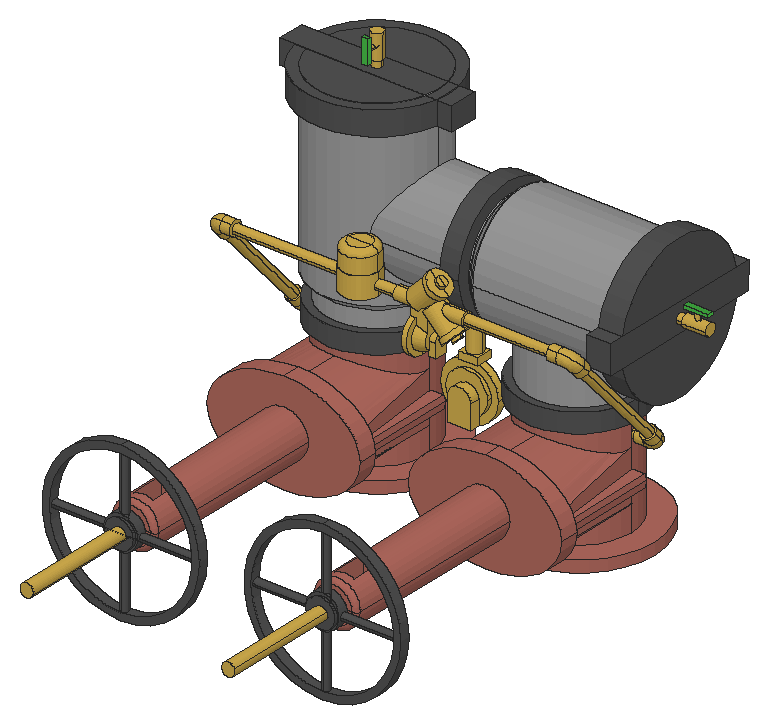
Revit family "Backflow_Preventer-RP-Zurn_Wilkins_Model_475STDA_Flanged (4-10_inch)", category Pipe Accessories, Revit 2022 (continued)
Definition of nested family "Gate Valve_475_OSY"
  Dimensions and locks (in)
    "Hand Wheel Radius": radius of Extrusion 10 sketch curve
    radius of Extrusion 10 sketch curve = 0' - 1 3/4"
    "Spoke Width": radius of Extrusion 10 sketch curve
    "Screw dia": radius of Extrusion 6 sketch curve
    radius of Extrusion 9 sketch curve = 0' - 1 1/2"
    "Flange Radius": radius of Masking region 1 sketch curve
    aligned: plane 5 "Right" to Extrusion 1
    aligned: Extrusion 1 to plane 4 "Left"
    aligned and locked: Extrusion 1 to plane 7 "Flange Left"
    aligned and locked: plane 8 "Flange Right" to Extrusion 1
    aligned and locked: Extrusion 2 to plane 4 "Left"
    aligned and locked: plane 7 "Flange Left" to Extrusion 2
    aligned and locked: plane 5 "Right" to Extrusion 3
    aligned and locked: plane 9 "Horizontal Flange" to Extrusion 4
    aligned and locked: Extrusion 4 to plane 12 "Horizontal Flange Bottom"
    aligned and locked: Extrusion 3 to plane 8 "Flange Right"
    aligned and locked: Extrusion 3 to plane 5 "Right"
    aligned and locked: plane 4 "Left" to Extrusion 2
    aligned and locked: Extrusion 2 to plane 7 "Flange Left"
    aligned and locked: plane 13 to Extrusion 4 sketch curve
    aligned and locked: plane 8 "Flange Right" to Extrusion 4 sketch curve
    aligned and locked: plane 7 "Flange Left" to Extrusion 4 sketch curve
    aligned and locked: plane 14 to Extrusion 4 sketch curve
    aligned and locked: plane 20 to Blend 5 sketch curve  (x2)
    aligned and locked: Blend 5 sketch curve to plane 21  (x2)
    aligned: Blend 5 to plane 30
    aligned and locked: curve 3 to plane 14
    aligned and locked: curve 4 to plane 7 "Flange Left"
    aligned and locked: plane 4 "Left" to curve 2
    aligned and locked: plane 12 "Horizontal Flange Bottom" to Blend 5
    aligned and locked: Blend 5 to level
    aligned and locked: Revolve 7 sketch curve to plane 38
    aligned and locked: plane 39 to Extrusion 8 sketch curve
    aligned and locked: plane 40 to Extrusion 8 sketch curve
    aligned and locked: plane 9 "Horizontal Flange" to cut or joined group of Revolve 7, Extrusion 8
    aligned and locked: plane 6 to Extrusion 6
    aligned and locked: plane 37 to Revolve 11 sketch curve
    aligned and locked: Revolve 11 sketch curve to plane 37
    aligned and locked: plane 37 to Revolve 12 sketch curve
    aligned and locked: Extrusion 6 to level
    aligned and locked: plane 1 "Center (Front/Back)" to Revolve 7 sketch curve
    aligned and locked: Revolve 7 sketch curve to Revolve 7 sketch curve
    aligned and locked: curve 1 to plane 13
    aligned and locked: Masking region 1 sketch curve to Extrusion 10  (x2)
    aligned and locked: Masking region 1 sketch curve to plane 9 "Horizontal Flange"  (x2)
    aligned and locked: Masking region 1 sketch curve to plane 16
    aligned and locked: plane 12 "Horizontal Flange Bottom" to Masking region 1 sketch curve  (x2)
    aligned and locked: Masking region 1 sketch curve to plane 13
    aligned and locked: plane 1 "Center (Front/Back)" to Masking region 1 sketch curve
    aligned and locked: level to Masking region 1 sketch curve
    aligned and locked: plane 12 "Horizontal Flange Bottom" to Masking region 1
    aligned and locked: plane 17 to Masking region 1 sketch curve
    aligned and locked: Masking region 1 sketch curve to plane 14
    aligned and locked: Masking region 1 sketch curve to Masking region 1 sketch curve
    aligned and locked: Masking region 1 to plane 6
  Automatic sketch dimensions
    Extrusion 4 sketch curve to plane 3 "Center (Left/Right)" = 0' - 0"  (x2)
    plane 1 "Center (Front/Back)" to Extrusion 4 sketch curve = 0' - 0"  (x2)
    plane 1 "Center (Front/Back)" to Blend 5 sketch curve = 0' - 0"  (x10)
    Blend 5 sketch curve to plane 18 = 0' - 0"  (x2)
    Blend 5 sketch curve to plane 28 = 0' - 0"  (x2)
    Blend 5 sketch curve to plane 29 = 0' - 0"  (x2)
    Blend 5 sketch curve to plane 3 "Center (Left/Right)" = 0' - 0"  (x12)
    Blend 5 sketch curve to plane 19 = 0' - 0"  (x2)
    Blend 5 sketch curve to plane 17 = 0' - 0"  (x14)
    plane 17 to Blend 5 sketch curve = 0' - 0.08399"  (x2)
    Blend 5 sketch curve to plane 3 "Center (Left/Right)" = 0' - 0 5/8"  (x4)
    Blend 5 sketch curve to plane 16 = 0' - 0.08399"  (x4)
    plane 3 "Center (Left/Right)" to Blend 5 sketch curve = 0' - 0 5/8"  (x4)
    Blend 5 sketch curve to Blend 5 sketch curve = 0' - 0.08399"
    Blend 5 sketch curve to Blend 5 sketch curve = 0' - 0.41601"
    plane 38 to Revolve 7 sketch curve = 0' - 0 1/2"
    plane 38 to Revolve 7 sketch curve = 0' - 0.48903"
    Revolve 7 sketch curve to plane 30 = 0' - 3 15/16"
    Revolve 7 sketch curve to plane 37 = 0' - 0 3/8"
    plane 37 to Revolve 7 sketch curve = 0' - 0 7/8"
    Revolve 11 sketch curve to plane 33 = 0' - 0 1/4"
    plane 33 to Revolve 11 sketch curve = 0' - 0 1/2"
    Revolve 12 sketch curve to plane 37 = 0' - 0"
    Revolve 12 sketch curve to Revolve 12 sketch curve = 0' - 0 1/4"
    Revolve 12 sketch curve to Revolve 12 sketch curve = 0' - 1 1/4"
    Masking region 1 sketch curve to plane 6 = 0' - 0"
Definition of nested family "475STDA Bypass"
  Parameters (values of type "DA Bypass")
    Weight = ""
    Relief = 0' - 3"
    Pipe fitting length [instance] = DA length + 0' 4"  # 3' - 1"
    Pipe fitting Height [instance] = 1' - 4"
    Pipe angle = 42.00°
    Pipe Fitting Bottom Width [instance] = 1' - 0"
    Model = "10\" By-Pass Backflow Assembly"
    Manufacturer = "Zurn Wilkins"
    MR Length [instance] = 3' - 2 1/2"
    MR Height [instance] = 1' - 1 1/2"
    Loss Method = (empty or 0)
    Description = "10\" By-Pass Backflow Assembly"
    Default Elevation = 0' - 0"
    DA length [instance] = 2' - 9"
    DA Strainer Distence from Middle = 0' - 0 3/4"
    DA Radius = 0' - 1 29/32"
    DA Length = 2' - 10 1/2"
    DA Distance from Middle = 0' - 3 1/2"
    DA Distance from Center = 0' - 10 1/2"
    Assembly Code = ""
  Reference planes (in)
    plane 1 "Center (Front/Back)": y = -3.06876
    plane 2: z = 0
    plane 3 "Center (Left/Right)": x = -2.01587
    plane 4 "DA top": z = 0
    plane 5: y = 7.43124
    plane 6: y = 0.0006
    plane 7: x = -1.26587
    plane 8: x = 9.39724
    plane 9: z = 0
    plane 10: z = 17.40667
    plane 11: y = 7.43124
    plane 12: x = -5.51587
    plane 13: x = -18.51587
    plane 14: x = 14.48413
    plane 15: through (0, 7.43124, 0) normal (0, -0.7431, -0.6691)
    plane 16: through (0, 7.73591, 0.282) normal (0, 0.6691, -0.7431)
    plane 17 "End": y = 5.52499
    plane 18: y = 19.02499
    plane 19: x = -21.26587
    plane 20: x = 17.23413
    plane 21: y = 6.64999
    plane 22: y = 6.08749
    plane 23: x = 5.60913
    plane 24: x = 4.67163
    plane 25: x = -0.17212
    plane 26: x = 0.42163
    plane 27: z = -3
    plane 28: x = 1.35419
    plane 29: y = 5.985
  Forms (in)
    Revolve 1, solid, detail levels fine
      sketch origin (-1.69517, 7.43124, -8.68954) x (1, 0, 0) y (0, 0, 1)
        loop
          line (2.25669, 8.81624) -> (4.73201, 11.29156) -> (4.3615, 11.66207) -> (4.11531, 11.41588) -> (3.54468, 11.98651) -> (3.16996, 11.61179) -> (3.29442, 11.48733) -> (1.44001, 9.63292) -> (2.25669, 8.81624)
        axis (2.25669, 8.81624) -> (4.73201, 11.29156)
      angle from 0 to 360
    Revolve 2, solid, detail levels fine
      sketch origin (-8.13314, 7.43124, 2.61426) x (0, 0, -1) y (1, 0, 0)
        loop
          line (2.42492, 10.365) -> (4.90023, 12.84031) -> (4.52973, 13.21082) -> (4.28354, 12.96464) -> (3.71291, 13.53527) -> (3.33819, 13.16055) -> (3.46265, 13.03608) -> (1.60824, 11.18168) -> (2.42492, 10.365)
        axis (2.42492, 10.365) -> (4.90023, 12.84031)
      angle from 0 to 360
    Revolve 3, solid, detail levels fine
      sketch origin (0.85229, 7.43124, -8.18323) x (1, 0, 0) y (0, 0, 1)
        loop
          line (-2.39177, 8.18323) -> (4.76633, 8.18323) -> (4.76633, 8.85367) -> (-2.39177, 8.85367) -> (-2.39177, 8.18323)
        axis (-2.39177, 8.18323) -> (4.76633, 8.18323)
      angle from 0 to 360
    Revolve 4, solid, not visible, detail levels fine
      sketch origin (8.96794, 0.0006, 8.71713) x (1, 0, 0) y (0, 0, 1)
        loop
          line (2.25669, 8.81624) -> (4.73201, 11.29156) -> (4.3615, 11.66207) -> (4.11531, 11.41588) -> (3.54468, 11.98651) -> (3.16996, 11.61179) -> (3.29442, 11.48733) -> (1.44001, 9.63292) -> (2.25669, 8.81624)
        axis (2.25669, 8.81624) -> (4.73201, 11.29156)
      angle from 0 to 360
    Revolve 5, solid, not visible, detail levels fine
      sketch origin (2.52997, 0.0006, 20.02093) x (0, 0, -1) y (1, 0, 0)
        loop
          line (2.42492, 10.365) -> (4.90023, 12.84031) -> (4.52973, 13.21082) -> (4.28354, 12.96464) -> (3.71291, 13.53527) -> (3.33819, 13.16055) -> (3.46265, 13.03608) -> (1.60824, 11.18168) -> (2.42492, 10.365)
        axis (2.42492, 10.365) -> (4.90023, 12.84031)
      angle from 0 to 360
    Revolve 6, solid, not visible, detail levels fine
      sketch origin (11.5154, 0.0006, 9.22344) x (1, 0, 0) y (0, 0, 1)
        loop
          line (-2.39177, 8.18323) -> (4.76633, 8.18323) -> (4.76633, 8.85367) -> (-2.39177, 8.85367) -> (-2.39177, 8.18323)
        axis (-2.39177, 8.18323) -> (4.76633, 8.18323)
      angle from 0 to 360
    Sweep 7, solid, detail levels fine
      path origin (0, 0, 0) x (1, 0, 0) y (0, 1, 0)
        loop
          line (-18.51587, 7.43124) -> (14.48413, 7.43124)
      profile origin (-2.01587, 7.43124, 0) x (0, 1, 0) y (0, 0, 1)
        loop
          circle (0, 0) r 0.5
    Revolve 8, solid, detail levels fine
      sketch origin (-24.22257, 7.43124, 48) x (-1, 0, 0) y (0, 0, 1)
        loop
          line (-18.7067, -49.09375) -> (-16.80045, -49.09375) -> (-16.80045, -46.84375) -> (-16.8942, -46.84375) -> (-16.8942, -45.22607)
          arc (-16.8942, -45.22607) -> (-17.0794, -44.77895) -> (-17.52652, -44.59375) r 0.63232
          line (-17.52652, -44.59375) -> (-18.7067, -44.59375) -> (-18.7067, -49.09375)
        axis (-18.7067, -49.09375) -> (-18.7067, -44.59375)
      angle from 0 to 360
    Revolve 9, solid, detail levels fine
      sketch origin (-24.22257, 7.43124, 48) x (-1, 0, 0) y (0, 0, 1)
        loop
          line (-24.6442, -51) -> (-24.6442, -49) -> (-25.1442, -49) -> (-25.1442, -49.5625) -> (-26.3942, -49.89744) -> (-26.3942, -51) -> (-24.6442, -51)
        axis (-24.6442, -51) -> (-26.3942, -51)
      angle from 0 to 360
    Extrusion 10, solid, detail levels fine
      sketch origin (-2.01587, 0, -0.5) x (0, 1, 0) y (0, 0, 1)
        loop
          line (8.08749, -3.875) -> (8.08749, -2.5)
          arc (8.08749, -2.5) -> (7.43124, -1.84375) -> (6.77499, -2.5) r 0.65625
          line (6.77499, -2.5) -> (6.77499, -3.875) -> (8.08749, -3.875)
      from 4.1875 to 4.875
    Extrusion 11, solid, detail levels fine
      sketch origin (-2.01587, 0, 0) x (0, 1, 0) y (0, 0, 1)
        loop
          line (8.24396, 0) -> (6.61851, 0) -> (6.61851, -3) -> (8.24396, -3) -> (8.24396, 0)
      from 2.4375 to 4.1875
  Cuts and joins
    joined: Revolve 1, Revolve 2, Revolve 3, Sweep 7, Revolve 8
    joined: Revolve 9, Extrusion 10, Extrusion 11
  Lines and regions (in)
    Masking region 1, detail levels fine
      outline origin (0, 0, 0) x (1, 0, 0) y (0, 1, 0)
        loop
          line (-21.26587, 19.02499) -> (-21.26587, 6.64999) -> (-7.25468, 6.64999)
          arc (-7.25468, 6.64999) -> (-5.51587, 5.52499) -> (-3.77707, 6.64999) r 1.90625
          line (-3.77707, 6.64999) -> (-0.17212, 6.64999) -> (0.42163, 6.08749) -> (0.42163, 5.42917) -> (0.92163, 5.42917) -> (0.92163, 5.985) -> (1.35419, 6.08749) -> (4.67163, 6.08749) -> (5.60913, 6.64999) -> (17.23413, 6.64999) -> (17.23413, 19.02499) -> (-21.26587, 19.02499)
  Dimensions and locks (in)
    Revolve 2 sketch curve to Revolve 2 sketch curve to Revolve 3 to Revolve 2 sketch curve to Revolve 2 sketch curve = 0' - 0.34816" locked, 0' - 0.14971" locked, 0' - 0.38023" locked, 0' - 2.62253" locked
    Revolve 3 to Revolve 2 sketch curve to Revolve 2 sketch curve to Revolve 2 sketch curve to Revolve 2 sketch curve = 0' - 0.45588" locked, 0' - 0.17602" locked, 0' - 0.63098" locked, 0' - 0.52398" locked
    locked: Revolve 2 sketch curve to Revolve 3 at 0.91145
    Revolve 1 sketch curve to Revolve 1 sketch curve to Revolve 1 sketch curve to Revolve 1 sketch curve to Revolve 3 = 0' - 0.17602" locked, 0' - 0.63098" locked, 0' - 0.52398" locked, 0' - 3.19143" locked
    Revolve 1 sketch curve to Revolve 1 sketch curve to Revolve 1 sketch curve to Revolve 1 sketch curve to Revolve 3 = 0' - 0.34816" locked, 0' - 0.52994" locked, 0' - 2.62253" locked, 0' - 2.04929" locked
    Revolve 5 sketch curve to Revolve 5 sketch curve to Revolve 6 to Revolve 5 sketch curve to Revolve 5 sketch curve = 0' - 0.34816" locked, 0' - 0.14971" locked, 0' - 0.38023" locked, 0' - 2.62253" locked
    Revolve 6 to Revolve 5 sketch curve to Revolve 5 sketch curve to Revolve 5 sketch curve to Revolve 5 sketch curve = 0' - 0.45588" locked, 0' - 0.17602" locked, 0' - 0.63098" locked, 0' - 0.52398" locked
    locked: Revolve 5 sketch curve to Revolve 6 at 0.91145
    Revolve 4 sketch curve to Revolve 4 sketch curve to Revolve 4 sketch curve to Revolve 4 sketch curve to Revolve 6 = 0' - 0.17602" locked, 0' - 0.63098" locked, 0' - 0.52398" locked, 0' - 3.19143" locked
    Revolve 4 sketch curve to Revolve 4 sketch curve to Revolve 4 sketch curve to Revolve 4 sketch curve to Revolve 6 = 0' - 0.34816" locked, 0' - 0.52994" locked, 0' - 2.62253" locked, 0' - 2.04929" locked
    Revolve 3 sketch curve to plane 7 to Revolve 3 sketch curve = 0' - 6.88449" locked, 0' - 0.2736" locked
    locked: Revolve 3 sketch curve to Revolve 3 sketch curve at 0.67043
    Revolve 6 sketch curve to plane 8 to Revolve 6 sketch curve = 0' - 6.88449" locked, 0' - 0.2736" locked
    locked: Revolve 6 sketch curve to Revolve 6 sketch curve at 0.67043
    "DA Distance from Center": plane 11 to plane 1 "Center (Front/Back)"
    locked: level to Sweep 7 sketch curve
    "DA Strainer Distence from Middle": plane 3 "Center (Left/Right)" to plane 7
    "DA Distance from Middle": plane 12 to plane 3 "Center (Left/Right)"
    "DA Radius": Revolve 8 sketch curve to Revolve 8 sketch curve
    locked: Revolve 8 sketch curve to Revolve 8 sketch curve at 1.8125
    locked: Revolve 8 sketch curve to Revolve 8 sketch curve at 2.25  (x2)
    locked: level to Revolve 8 sketch curve at 1.09375
    Revolve 8 sketch curve to level = 0' - 1 5/32"
    equal spacing: plane 13, plane 3 "Center (Left/Right)", plane 14  (x2)
    "DA length": plane 13 to plane 14
    "DA Radius": plane 11 to plane 17 "End"
    "MR Height": plane 18 to plane 17 "End"
    plane 11 to plane 17 "End" = 0' - 1 29/32"
    equal spacing: plane 19, plane 3 "Center (Left/Right)", plane 20
    "MR Length": plane 19 to plane 20
    locked: plane 11 to plane 21 at 0.78125
    locked: plane 22 to plane 21 at 0.5625
    locked: plane 3 "Center (Left/Right)" to plane 25 at 1.84375
    locked: plane 25 to plane 26 at 0.59375
    locked: plane 3 "Center (Left/Right)" to plane 24 at 6.6875
    locked: plane 24 to plane 23 at 0.9375
    "Relief": level to plane 27
    locked: Revolve 9 sketch curve to plane 27 at 2
    locked: Revolve 9 sketch curve to plane 27 at 1.10256
    locked: Revolve 9 sketch curve to plane 27 at 1.4375
    equal spacing: Extrusion 10 sketch curve, plane 11, Extrusion 10 sketch curve
    locked: Extrusion 10 to Extrusion 10 at 0.6875
    locked: plane 26 to Revolve 9 sketch curve at 0.5
    locked: Revolve 9 sketch curve to Revolve 9 sketch curve at 1.75
    equal spacing: Extrusion 11 sketch curve, plane 11, Extrusion 11 sketch curve
    locked: Masking region 1 to plane 17 "End" at 0.09582
    locked: plane 26 to plane 28 at 0.93256
    locked: plane 17 "End" to plane 29 at 0.46002
    radius of Sweep 7 sketch curve = 0' - 0 1/2"
    radius of Revolve 8 sketch curve = 0' - 0.63232"
    radius of Masking region 1 sketch curve = 0' - 1 29/32"
    locked: Revolve 2 sketch curve to Revolve 3 (angle 45.00°)
    locked: Revolve 3 to Revolve 1 sketch curve (angle 45.00°)
    locked: Revolve 5 sketch curve to Revolve 6 (angle 45.00°)
    locked: Revolve 6 to Revolve 4 sketch curve (angle 45.00°)
    "Pipe angle": angle plane 15 to plane 11
    "Pipe angle": angle plane 16 to level
    aligned and locked: plane 5 to Revolve 1
    aligned and locked: plane 5 to Revolve 3
    aligned and locked: plane 6 to Revolve 4
    aligned and locked: plane 6 to Revolve 6
    aligned and locked: plane 4 "DA top" to plane 9
    aligned and locked: level to plane 4 "DA top"
    aligned and locked: plane 11 to plane 5
    aligned and locked: Revolve 8 sketch curve to Revolve 8 sketch curve
    aligned and locked: plane 12 to Revolve 8 sketch curve
    aligned and locked: plane 13 to Sweep 7 sketch curve
    aligned and locked: plane 14 to Sweep 7 sketch curve
    aligned and locked: Masking region 1 sketch curve to plane 18
    aligned and locked: plane 19 to Masking region 1 sketch curve
    aligned and locked: plane 20 to Masking region 1 sketch curve
    aligned and locked: plane 21 to Masking region 1 sketch curve  (x5)
    aligned and locked: Masking region 1 sketch curve to plane 21
    aligned and locked: plane 25 to Masking region 1 sketch curve
    aligned and locked: plane 26 to Masking region 1 sketch curve
    aligned and locked: Masking region 1 sketch curve to plane 22
    aligned and locked: plane 22 to Masking region 1 sketch curve
    aligned and locked: plane 24 to Masking region 1 sketch curve
    aligned and locked: plane 23 to Masking region 1 sketch curve
    aligned and locked: plane 12 to Masking region 1 sketch curve
    aligned and locked: plane 11 to Masking region 1 sketch curve
    aligned and locked: plane 2 to level
    aligned and locked: Revolve 9 sketch curve to plane 27
    aligned and locked: plane 11 to Extrusion 10 sketch curve
    aligned and locked: plane 27 to Extrusion 10 sketch curve
    aligned and locked: plane 26 to Revolve 9 sketch curve
    aligned and locked: Extrusion 10 to Revolve 9
    aligned and locked: Extrusion 11 to plane 26
    aligned and locked: level to Extrusion 11
    aligned and locked: Extrusion 11 to plane 27
    aligned and locked: Revolve 9 to Extrusion 11
    aligned and locked: Masking region 1 sketch curve to cut or joined group of Revolve 9, Extrusion 10, Extrusion 11
    aligned and locked: plane 29 to Masking region 1 sketch curve
    aligned and locked: plane 28 to Masking region 1 sketch curve
    aligned and locked: nested 1 to plane 3 "Center (Left/Right)"
    aligned and locked: plane 15 to nested 1
    aligned and locked: plane 16 to nested 1
  Automatic sketch dimensions
    plane 9 to Revolve 1 sketch curve = 0' - 0.1267"
    plane 9 to Revolve 1 sketch curve = 0' - 0.77703"
    plane 9 to Revolve 1 sketch curve = 0' - 1.37155"
    Revolve 2 sketch curve to Revolve 2 sketch curve = 0' - 0.1154"
    Revolve 2 sketch curve to plane 9 = 0' - 1.05551"
    Revolve 2 sketch curve to Revolve 2 sketch curve = 0' - 1.42624"
    Revolve 3 sketch curve to plane 9 = 0' - 0"  (x2)
    Revolve 3 sketch curve to Revolve 3 sketch curve = 0' - 0.94376"
    Revolve 3 sketch curve to Revolve 3 sketch curve = 0' - 1 1/4"
    plane 10 to Revolve 4 sketch curve = 0' - 0.1267"
    plane 10 to Revolve 4 sketch curve = 0' - 0.77703"
    plane 10 to Revolve 4 sketch curve = 0' - 1.37155"
    Revolve 5 sketch curve to Revolve 5 sketch curve = 0' - 0.1154"
    Revolve 5 sketch curve to plane 10 = 0' - 1.05551"
    Revolve 5 sketch curve to Revolve 5 sketch curve = 0' - 1.42624"
    Revolve 6 sketch curve to plane 10 = 0' - 0"  (x2)
    Revolve 6 sketch curve to Revolve 6 sketch curve = 0' - 0.94376"
    Revolve 6 sketch curve to Revolve 6 sketch curve = 0' - 1 1/4"
    Sweep 7 sketch curve to plane 5 = 0' - 0"
    Sweep 7 sketch curve to profile plane = 0' - 0"
    plane 21 to Extrusion 10 sketch curve = 0' - 0 1/8"
    Extrusion 10 sketch curve to plane 27 = 0' - 1 3/8"
    Revolve 9 sketch curve to plane 27 = 0' - 0"
    plane 26 to Revolve 9 sketch curve = 0' - 0 9/16"
    plane 12 to Revolve 9 sketch curve = 0' - 1 1/4"
    Extrusion 11 sketch curve to plane 21 = 0' - 0.03147"
    Extrusion 11 sketch curve to plane 27 = 0' - 0"
    plane 27 to Extrusion 11 sketch curve = 0' - 3"
    plane 17 "End" to Masking region 1 sketch curve = 0' - 0.09582"
    Revolve 8 sketch curve to level = 0' - 0.47137"
    Revolve 8 sketch curve to Revolve 8 sketch curve = 0' - 0.81868"
  Nested families (in)
    nested 1: "475STDA" at (-2.01587, 12.78047, -5.94092) x (1, 0, 0) z (0, -0.6691, 0.7431), Bottom End Connection width <- "Pipe Fitting Bottom Width", Pipe Length <- "Pipe fitting length", Total pipe height <- "Pipe fitting Height", type "Pipe Fittings", detail levels fine
      with Total pipe height 1' - 4", Pipe Length 3' - 1", Bottom End Connection width 1' - 0"
  Definition of nested family "475STDA"
    Parameters (values of type "Pipe Fittings")
      Width = 1' - 0"
      URL = "www.zurn.com/"
      Total pipe height [instance] = 1' - 0"
      Top End Connection = 0' - 2"
      Repair Parts URL = ""
      Product data URL = ""
      Product Weight (lbs) = 0
      Product Page URL = ""
      Product Installation Sheet URL = ""
      Product Documentation Link = ""
      Pipe radius = 0' - 0 1/2"
      Pipe Length [instance] = 1' - 5"
      Nominal Radius = 0' - 0"
      Nominal Diameter = 0' - 0"
      Modified Data = ""
      Max Working Water Temperature = 0 °F
      Max Working Water Pressure = 0.00 psi
      Manufacturer Brand = "Zurn Wilkins"
      Manufacturer = "Zurn Water, LLC"
      Main Material = none
      Flow Rate (GPM) = 0 GPM
      Default Elevation = 0' - 0"
      Date Created = ""
      Bottom End Connection width [instance] = 0' - 8"
    Reference planes (in)
      plane 1 "Center (Front/Back)": y = 0
      plane 2: z = 0
      plane 3 "Center (Left/Right)": x = 0
      plane 4 "Left Side Plane": x = -8.5
      plane 5 "Right side Plane": x = 8.5
      plane 6 "Back Plane": y = 6
      plane 7 "Front Plane": y = -6
      plane 8 "Top Plane": z = 6
      plane 9 "Bottom Plane": z = -6
      plane 10: x = -6.5
      plane 11: x = 6.5
      plane 12: x = -4
      plane 13: x = 4
    Forms (in)
      Sweep 1, solid, detail levels fine
        path origin (-1.25, 0, 0) x (1, 0, 0) y (0, 0, 1)
          loop
            line (-5.25, 6) -> (-6.5, 6)
            arc (-6.5, 6) -> (-7.03033, 5.78033) -> (-7.25, 5.25) r 0.75
            line (-7.25, 5.25) -> (-7.25, -5.25)
            arc (-7.25, -5.25) -> (-7.03033, -5.78033) -> (-6.5, -6) r 0.75
            line (-6.5, -6) -> (-2.75, -6)
        profile origin (-7.125, 0, 6) x (0, 0, -1) y (0, -1, 0)
          loop
            circle (0, 0) r 0.5
      Sweep 2, solid, detail levels fine
        path origin (0, 0, 0) x (-1, 0, 0) y (0, 0, -1)
          loop
            line (-6.5, -6) -> (-7.75, -6)
            arc (-7.75, -6) -> (-8.28033, -5.78033) -> (-8.5, -5.25) r 0.75
            line (-8.5, -5.25) -> (-8.5, 5.25)
            arc (-8.5, 5.25) -> (-8.28033, 5.78033) -> (-7.75, 6) r 0.75
            line (-7.75, 6) -> (-4, 6)
        profile origin (7.125, 0, 6) x (0, 0, 1) y (0, -1, 0)
          loop
            circle (0, 0) r 0.5
      Sweep 3, solid, detail levels fine
        path origin (0, 0, 0) x (1, 0, 0) y (0, 0, 1)
          loop
            line (-6.5, 6) -> (-7.5, 6)
            arc (-7.5, 6) -> (-8.20711, 5.70711) -> (-8.5, 5) r 1
            line (-8.5, 5) -> (-8.5, 4)
        profile origin (-7, 0, 6) x (0, 0, -1) y (0, -1, 0)
          loop
            circle (0, 0) r 0.75
      Sweep 4, solid, detail levels fine
        path origin (0, 0, 0) x (-1, 0, 0) y (0, 0, -1)
          loop
            line (-6.5, -6) -> (-7.5, -6)
            arc (-7.5, -6) -> (-8.20711, -5.70711) -> (-8.5, -5) r 1
            line (-8.5, -5) -> (-8.5, -4)
        profile origin (7, 0, 6) x (0, 0, 1) y (0, -1, 0)
          loop
            circle (0, 0) r 0.75
      Sweep 5, solid, detail levels fine
        path origin (0, 0, 0) x (1, 0, 0) y (0, 0, 1)
          loop
            line (-6.5, -6) -> (-7.5, -6)
            arc (-7.5, -6) -> (-8.20711, -5.70711) -> (-8.5, -5) r 1
            line (-8.5, -5) -> (-8.5, -4)
        profile origin (-7, 0, -6) x (0, 0, -1) y (0, -1, 0)
          loop
            circle (0, 0) r 0.75
      Sweep 6, solid, detail levels fine
        path origin (0, 0, 0) x (-1, 0, 0) y (0, 0, -1)
          loop
            line (-6.5, 6) -> (-7.5, 6)
            arc (-7.5, 6) -> (-8.20711, 5.70711) -> (-8.5, 5) r 1
            line (-8.5, 5) -> (-8.5, 4)
        profile origin (7, 0, -6) x (0, 0, 1) y (0, -1, 0)
          loop
            circle (0, 0) r 0.75
    Cuts and joins
      joined: Sweep 1, Sweep 2, Sweep 3, Sweep 4, Sweep 5, Sweep 6
    Dimensions and locks (in)
      equal spacing: plane 5 "Right side Plane", plane 3 "Center (Left/Right)", plane 4 "Left Side Plane"
      "Pipe Length": plane 5 "Right side Plane" to plane 4 "Left Side Plane"
      equal spacing: plane 8 "Top Plane", plane 2, plane 9 "Bottom Plane"
      "Total pipe height": plane 8 "Top Plane" to plane 9 "Bottom Plane"
      equal spacing: plane 7 "Front Plane", plane 1 "Center (Front/Back)", plane 6 "Back Plane"
      "Width": plane 7 "Front Plane" to plane 6 "Back Plane"
      "Top End Connection": plane 10 to plane 4 "Left Side Plane"
      "Top End Connection": plane 5 "Right side Plane" to plane 11
      Sweep 3 sketch curve to plane 4 "Left Side Plane" = 0' - 2"
      plane 8 "Top Plane" to Sweep 3 sketch curve = 0' - 2"
      locked: Sweep 5 sketch curve to plane 9 "Bottom Plane" at 2
      locked: Sweep 5 sketch curve to plane 4 "Left Side Plane" at 2
      locked: plane 5 "Right side Plane" to Sweep 6 sketch curve at 2
      locked: Sweep 6 sketch curve to plane 9 "Bottom Plane" at 2
      locked: plane 5 "Right side Plane" to Sweep 4 sketch curve at 2
      locked: plane 8 "Top Plane" to Sweep 4 sketch curve at 2
      equal spacing: plane 13, plane 3 "Center (Left/Right)", plane 12
      "Bottom End Connection width": plane 13 to plane 12
      "Pipe radius": radius of Sweep 1 sketch curve
      "Pipe radius": radius of Sweep 2 sketch curve
      aligned and locked: plane 2 to level
      aligned and locked: Sweep 1 sketch curve to plane 8 "Top Plane"
      aligned and locked: plane 9 "Bottom Plane" to Sweep 1 sketch curve
      aligned and locked: Sweep 1 sketch curve to plane 4 "Left Side Plane"
      aligned and locked: plane 8 "Top Plane" to Sweep 2 sketch curve
      aligned and locked: Sweep 2 sketch curve to plane 9 "Bottom Plane"
      aligned and locked: Sweep 2 sketch curve to plane 5 "Right side Plane"
      aligned and locked: plane 10 to Sweep 1 sketch curve
      aligned and locked: plane 11 to Sweep 2 sketch curve
      aligned and locked: plane 4 "Left Side Plane" to Sweep 5 sketch curve
      aligned and locked: Sweep 5 sketch curve to plane 9 "Bottom Plane"
      aligned and locked: plane 5 "Right side Plane" to Sweep 6 sketch curve
      aligned and locked: plane 9 "Bottom Plane" to Sweep 6 sketch curve
      aligned and locked: Sweep 4 sketch curve to plane 5 "Right side Plane"
      aligned and locked: plane 8 "Top Plane" to Sweep 4 sketch curve
      aligned and locked: plane 12 to Sweep 1 sketch curve
      aligned and locked: plane 13 to Sweep 2 sketch curve
    Automatic sketch dimensions
      Sweep 1 sketch curve to Sweep 1 sketch curve = 0' - 0 3/4"
      plane 4 "Left Side Plane" to Sweep 1 sketch curve = 0' - 0 3/4"
      Sweep 2 sketch curve to Sweep 2 sketch curve = 0' - 0 3/4"
      Sweep 2 sketch curve to plane 5 "Right side Plane" = 0' - 0 3/4"
      Sweep 3 sketch curve to plane 4 "Left Side Plane" = 0' - 0"
      Sweep 3 sketch curve to plane 8 "Top Plane" = 0' - 0"
      plane 4 "Left Side Plane" to Sweep 3 sketch curve = 0' - 1"
      Sweep 3 sketch curve to plane 1 "Center (Front/Back)" = 0' - 0"
      Sweep 3 sketch curve to profile plane = 0' - 0"
      Sweep 4 sketch curve to plane 5 "Right side Plane" = 0' - 1"
      Sweep 4 sketch curve to plane 1 "Center (Front/Back)" = 0' - 0"
      profile plane to Sweep 4 sketch curve = 0' - 0"
      plane 4 "Left Side Plane" to Sweep 5 sketch curve = 0' - 1"
      Sweep 5 sketch curve to plane 1 "Center (Front/Back)" = 0' - 0"
      Sweep 5 sketch curve to profile plane = 0' - 0"
      Sweep 6 sketch curve to plane 5 "Right side Plane" = 0' - 1"
      Sweep 6 sketch curve to plane 1 "Center (Front/Back)" = 0' - 0"
      profile plane to Sweep 6 sketch curve = 0' - 0"
      Sweep 1 sketch curve to plane 1 "Center (Front/Back)" = 0' - 0"
      Sweep 1 sketch curve to profile plane = 0' - 0"
      Sweep 2 sketch curve to plane 1 "Center (Front/Back)" = 0' - 0"
      profile plane to Sweep 2 sketch curve = 0' - 0"
      radius of Sweep 3 sketch curve = 0' - 0 3/4"
      radius of Sweep 4 sketch curve = 0' - 0 3/4"
      radius of Sweep 5 sketch curve = 0' - 0 3/4"
      radius of Sweep 6 sketch curve = 0' - 0 3/4"
Definition of nested family "Symbolic diagram 475DAOSY_F"
  Parameters (values of type "8"")
    Width = 1' - 0"
    Weight = ""
    URL = "www.zurn.com/"
    Symbol total length = 3' - 6 3/16"
    Standards Compliance = ""
    Specification Sheet URL = ""
    Repair Parts URL = ""
    Rated Flow = 0 GPM
    Product Page URL = ""
    Product Install & Maintenance Sheet URL [instance] = ""
    Pressure Loss at Rated Flow = 0.00 psi
    Nominal Radius = 0' - 0"
    Nominal Diameter = 0' - 0"
    Max Working Water Temperature = 0 °F
    Max Working Water Pressure = 0.00 psi
    Manufacturer = "Zurn Wilkins"
    Length = 2' - 0"
    Hydrostatic Test Pressure = 0.00 psi
    Height = 1' - 0"
    Flow = ""
    Default Elevation = 0' - 0"
  Types (4): name | Symbol total length
    4" | 2' - 4 7/8"
    6" | 2' - 10 1/16"
    8" | 3' - 6 3/16"
    10" | 3' - 7 11/16"
  Reference planes (in)
    plane 1 "Center (Front/Back)": y = 0
    plane 2: z = 0
    plane 3 "Center (Left/Right)": x = 0
    plane 4 "Left Side Plane": x = -12
    plane 5 "Right side Plane": x = 12
    plane 6 "Back Plane": y = 6
    plane 7 "Front Plane": y = -6
    plane 8 "Top Plane": z = 6
    plane 9 "Bottom Plane": z = -6
    plane 10: z = 1.875
    plane 11: z = -1.875
    plane 12: x = 0.75
    plane 13: x = -0.75
    plane 14: x = -6.25
    plane 15: x = -7.75
    plane 16: x = -11.75
    plane 17: x = 6.25
    plane 18: x = 7.75
    plane 19: x = 11.75
    plane 20: x = -3.5
    plane 21: x = -9.75
    plane 22: x = 3.5
    plane 23: x = 9.75
    plane 24: z = 8.3125
    plane 25: z = 9.75
    plane 26: x = -21.09375
    plane 27: x = 21.09375
    plane 28: z = -4
    plane 29: z = -7.9375
    plane 30: z = -5.96875
    plane 31: z = -8.9375
    plane 32: y = 1.875
    plane 33: y = -1.875
    plane 34: y = 8.3125
    plane 35: y = 9.75
    plane 36: y = -4
    plane 37: y = -7.9375
    plane 38: y = -5.96875
    plane 39: y = 3
    plane 40: y = -8.9375
    plane 41: z = 0
    plane 42: z = -3.25
    plane 43: x = -2.25
    plane 44: x = 4.75
    plane 45: z = -2.75
    plane 46: z = -3.75
    plane 47: y = -3.25
    plane 48: y = -2.75
    plane 49: y = -3.75
    plane 50: x = 7
    plane 51: x = -7
    plane 52: z = 7.5
    plane 53: x = -5.5
    plane 54: x = -2.6875
    plane 55: z = 8.625
    plane 56: z = 6.375
    plane 57: x = -1.46875
    plane 58: x = 1.875
    plane 59: x = 2.71875
    plane 60: x = 6.0625
    plane 61: x = 2.28197
    plane 62: y = 7.5
  Lines and regions (in)
    symbolic lines, detail levels coarse+medium
      curve 1: line (-0.75, 0, 1.875) -> (-0.75, 0, -1.875)
      curve 2: line (-0.75, 0, -1.875) -> (-6.25, 0, 1.875)
      curve 3: line (-6.25, 0, 1.875) -> (-6.25, 0, -1.875)
      curve 4: line (-6.25, 0, 0) -> (-7.75, 0, 0)
      curve 5: line (-7.75, 0, -1.875) -> (-7.75, 0, 1.875)
      curve 6: line (-7.75, 0, 1.875) -> (-11.75, 0, -1.875)
      curve 7: line (-11.75, 0, -1.875) -> (-11.75, 0, 1.875)
      curve 8: line (-11.75, 0, 1.875) -> (-7.75, 0, -1.875)
      curve 9: line (-0.75, 0, 0) -> (0.75, 0, 0)
      curve 10: line (0.75, 0, -1.875) -> (0.75, 0, 1.875)
      curve 11: line (0.75, 0, 1.875) -> (6.25, 0, -1.875)
      curve 12: line (6.25, 0, -1.875) -> (6.25, 0, 1.875)
      curve 13: line (6.25, 0, 0) -> (7.75, 0, 0)
      curve 14: line (7.75, 0, -1.875) -> (7.75, 0, 1.875)
      curve 15: line (7.75, 0, 1.875) -> (11.75, 0, -1.875)
      curve 16: line (11.75, 0, -1.875) -> (11.75, 0, 1.875)
      curve 17: line (11.75, 0, 1.875) -> (7.75, 0, -1.875)
      curve 18: line (-9.75, 0, 0) -> (-9.75, 0, 9.75)
      curve 19: line (-11.75, 0, 1.875) -> (-9.75, 0, 8.3125)
      curve 20: line (-10.75, 0, 8.3125) -> (-8.75, 0, 8.3125)
      curve 21: line (10.75, 0, 8.3125) -> (8.75, 0, 8.3125)
      curve 22: line (-9.75, 0, 8.3125) -> (-7.75, 0, 1.875)
      curve 23: line (7.75, 0, 1.875) -> (9.75, 0, 8.3125)
      curve 24: line (11.75, 0, 1.875) -> (9.75, 0, 8.3125)
      curve 25: line (9.75, 0, 0) -> (9.75, 0, 9.75)
      curve 26: line (0, 0, 0) -> (0, 0, -4)
      curve 27: line (-0.75, 0, -4) -> (0.75, 0, -4)
      curve 28: line (0.75, 0, -4) -> (-0.75, 0, -7.9375)
      curve 29: line (-0.75, 0, -7.9375) -> (0.75, 0, -7.9375)
      curve 30: line (0.75, 0, -7.9375) -> (-0.75, 0, -4)
      curve 31: line (0, 0, -5.96875) -> (-3, 0, -5.96875)
      curve 32: line (-0.72619, 0, -5.5816) -> (-1.16541, 0, -6.40765)
      curve 33: line (-1.22619, 0, -5.5816) -> (-1.66541, 0, -6.40765)
      curve 34: line (-3.5, 0, 0) -> (-3.5, 0, 3)
      curve 35: line (3.5, 0, 0) -> (3.5, 0, 3)
      curve 36: line (12, 0, 0) -> (21.09375, 0, 0)
      curve 37: line (-21.09375, 0, 0) -> (-12, 0, 0)
      curve 38: line (0, 0, -7.9375) -> (0, 0, -8.9375)
      curve 79: line (-6.25, 0, -3.25) -> (-2.25, 0, -3.25)
      curve 80: line (-2.25, 0, -2.75) -> (-0.75, 0, -3.25)
      curve 81: line (-0.75, 0, -3.25) -> (-2.25, 0, -3.75)
      curve 82: line (-2.25, 0, -3.75) -> (-2.25, 0, -2.75)
      curve 83: line (0.75, 0, -3.25) -> (4.75, 0, -3.25)
      curve 84: line (4.75, 0, -2.75) -> (4.75, 0, -3.75)
      curve 85: line (4.75, 0, -2.75) -> (6.25, 0, -3.25)
      curve 86: line (6.25, 0, -3.25) -> (4.75, 0, -3.75)
      curve 95: line (0, 0, 1.875) -> (0, 0, -1.875)
      curve 96: line (0, -1.875, 0) -> (0, 1.875, 0)
      curve 97: line (-7, 0, 0) -> (-7, 0, 7.5)
      curve 98: line (-7, 0, 7.5) -> (-5.5, 0, 7.5)
      curve 99: line (-5.5, 0, 8.625) -> (-5.5, 0, 6.375)
      curve 100: line (-2.6875, 0, 8.625) -> (-2.6875, 0, 6.375)
      curve 101: line (-4.78125, 0, 6.83182) -> (-4.78125, 0, 8.125)
      curve 102: line (-4.78125, 0, 8.125) -> (-4.0625, 0, 7.21816)
      curve 103: line (-3.34375, 0, 8.125) -> (-3.34375, 0, 6.83182)
      curve 104: line (-4.0625, 0, 7.21816) -> (-3.34375, 0, 8.125)
      curve 105: line (-1.46875, 0, 8.625) -> (-1.46875, 0, 6.375)
      curve 106: line (1.875, 0, 8.625) -> (1.875, 0, 6.375)
      curve 107: line (-1.46875, 0, 8.625) -> (1.875, 0, 6.375)
      curve 108: line (0.20313, 0, 7.5) -> (0.20313, 0, 9.5)
      curve 109: line (1.78197, 0, 5.21198) -> (2.78197, 0, 5.21198)
      curve 110: line (2.78197, 0, 5.21198) -> (1.78197, 0, 2.58698)
      curve 111: line (1.78197, 0, 2.58698) -> (2.78197, 0, 2.58698)
      curve 112: line (2.78197, 0, 2.58698) -> (1.78197, 0, 5.21198)
      curve 113: line (2.28197, 0, 3.89948) -> (-0.21803, 0, 3.89948)
      curve 114: line (0.96451, 0, 4.15758) -> (0.67169, 0, 3.60688)
      curve 115: line (0.63118, 0, 4.15758) -> (0.33836, 0, 3.60688)
      curve 116: line (-2.21803, 0, 5.71198) -> (-0.05136, 0, 5.71198)
      curve 117: line (-0.05136, 0, 5.37864) -> (-0.05136, 0, 6.04531)
      curve 118: line (2.78197, 0, 5.71198) -> (4.94864, 0, 5.71198)
      curve 119: line (4.94864, 0, 6.04531) -> (4.94864, 0, 5.37864)
      curve 120: line (4.94864, 0, 6.04531) -> (5.78197, 0, 5.71198)
      curve 121: line (5.78197, 0, 5.71198) -> (4.94864, 0, 5.37864)
      curve 122: line (2.71875, 0, 8.625) -> (2.71875, 0, 6.375)
      curve 123: line (6.0625, 0, 8.625) -> (6.0625, 0, 6.375)
      curve 124: line (2.71875, 0, 8.625) -> (6.0625, 0, 6.375)
      curve 125: line (4.39063, 0, 7.5) -> (4.39063, 0, 9.5)
      curve 126: line (1.875, 0, 7.5) -> (2.71875, 0, 7.5)
      curve 127: line (2.28197, 0, 5.21198) -> (2.28197, 0, 7.5)
      curve 128: line (7, 0, 0) -> (7, 0, 7.5)
      curve 129: line (7, 0, 7.5) -> (6.0625, 0, 7.5)
      curve 130: line (-2.6875, 0, 7.5) -> (-1.46875, 0, 7.5)
      curve 131: line (-0.31502, 0, 8.8495) -> (0.72127, 0, 8.1505)
      curve 132: line (2.28197, 0, 2.58698) -> (2.28197, 0, 1.875)
      curve 167: line (-12, 0, -1.875) -> (-12, 0, 1.875)
      curve 168: line (12, 0, -1.875) -> (12, 0, 1.875)
      curve 171: line (2.84832, 0, 1.18484) -> (4.27189, 0, 0.40957)
      curve 172: line (1.32061, 0, 4.15758) -> (1.0278, 0, 3.60688)
      curve 173: line (-1.66852, 0, -5.5816) -> (-2.10775, 0, -6.40765)
      curve 174: line (-0.05136, 0, 6.04531) -> (0.78197, 0, 5.71198)
      curve 175: line (0.78197, 0, 5.71198) -> (-0.05136, 0, 5.37864)
      curve 176: line (-0.31502, 0, 8.48006) -> (0.72127, 0, 7.78107)
      curve 177: line (-0.31502, 0, 9.23006) -> (0.72127, 0, 8.53107)
      curve 178: line (3.87248, 0, 8.8495) -> (4.90877, 0, 8.1505)
      curve 179: line (3.87248, 0, 8.48006) -> (4.90877, 0, 7.78107)
      curve 180: line (3.87248, 0, 9.23006) -> (4.90877, 0, 8.53107)
      curve 194: arc (-5.5, 0, 8.625) -> (-4.09375, 0, 8.95577) -> (-2.6875, 0, 8.625) r 3.15472
      curve 195: arc (-5.5, 0, 6.375) -> (-4.09375, 0, 6.04423) -> (-2.6875, 0, 6.375) r 3.15472
      curve 196: line (2.84832, 0, 1.68484) -> (4.27189, 0, 0.90957)
      curve 197: line (2.84832, 0, 2.18484) -> (4.27189, 0, 1.40957)
      curve 198: line (-4.15168, 0, 1.18484) -> (-2.72811, 0, 0.40957)
      curve 199: line (-4.15168, 0, 1.68484) -> (-2.72811, 0, 0.90957)
      curve 200: line (-4.15168, 0, 2.18484) -> (-2.72811, 0, 1.40957)
    model lines, detail levels coarse+medium
      curve 39: line (-0.75, 1.875, 0) -> (-0.75, -1.875, 0)
      curve 40: line (-0.75, -1.875, 0) -> (-6.25, 1.875, 0)
      curve 41: line (-6.25, 1.875, 0) -> (-6.25, -1.875, 0)
      curve 42: line (-6.25, 0, 0) -> (-7.75, 0, 0)
      curve 43: line (-7.75, 1.875, 0) -> (-7.75, -1.875, 0)
      curve 44: line (-7.75, -1.875, 0) -> (-11.75, 1.875, 0)
      curve 45: line (-11.75, 1.875, 0) -> (-11.75, -1.875, 0)
      curve 46: line (-11.75, -1.875, 0) -> (-7.75, 1.875, 0)
      curve 47: line (-12.25, 0, 0) -> (-21.09375, 0, 0)
      curve 48: line (0.75, -1.875, 0) -> (0.75, 1.875, 0)
      curve 49: line (0.75, 1.875, 0) -> (6.25, -1.875, 0)
      curve 50: line (6.25, -1.875, 0) -> (6.25, 1.875, 0)
      curve 51: line (6.25, 0, 0) -> (7.75, 0, 0)
      curve 52: line (7.75, 1.875, 0) -> (7.75, -1.875, 0)
      curve 53: line (7.75, -1.875, 0) -> (11.75, 1.875, 0)
      curve 54: line (7.75, 1.875, 0) -> (11.75, -1.875, 0)
      curve 55: line (11.75, -1.875, 0) -> (11.75, 1.875, 0)
      curve 56: line (12.25, 0, 0) -> (21.09375, 0, 0)
      curve 57: line (-0.75, 0, 0) -> (0.75, 0, 0)
      curve 58: line (-10.75, 8.3125, 0) -> (-8.75, 8.3125, 0)
      curve 59: line (-9.75, 0, 0) -> (-9.75, 9.75, 0)
      curve 60: line (-11.75, 1.875, 0) -> (-9.75, 8.3125, 0)
      curve 61: line (-7.75, 1.875, 0) -> (-9.75, 8.3125, 0)
      curve 62: line (8.75, 8.3125, 0) -> (10.75, 8.3125, 0)
      curve 63: line (9.75, 9.75, 0) -> (9.75, 0, 0)
      curve 64: line (7.75, 1.875, 0) -> (9.75, 8.3125, 0)
      curve 65: line (11.75, 1.875, 0) -> (9.75, 8.3125, 0)
      curve 66: line (0.75, -4, 0) -> (-0.75, -4, 0)
      curve 67: line (-0.75, -4, 0) -> (0.75, -7.9375, 0)
      curve 68: line (0.75, -7.9375, 0) -> (-0.75, -7.9375, 0)
      curve 69: line (-0.75, -7.9375, 0) -> (0.75, -4, 0)
      curve 70: line (0, 0, 0) -> (0, -4, 0)
      curve 71: line (0, -5.96875, 0) -> (-3, -5.96875, 0)
      curve 72: line (-0.92454, -5.42627, 0) -> (-1.36921, -6.47385, 0)
      curve 73: line (-1.42454, -5.42627, 0) -> (-1.86921, -6.47385, 0)
      curve 74: line (-3.5, 0, 0) -> (-3.5, 3, 0)
      curve 75: line (3.5, 0, 0) -> (3.5, 3, 0)
      curve 76: line (-4.19317, 1.55006, 0) -> (-3.05759, 0.7758, 0)
      curve 77: line (-4.06779, 1.97538, 0) -> (-2.93221, 1.20113, 0)
      curve 78: line (0, -7.9375, 0) -> (0, -8.9375, 0)
      curve 87: line (-6.25, -3.25, 0) -> (-2.25, -3.25, 0)
      curve 88: line (-2.25, -2.75, 0) -> (-2.25, -3.75, 0)
      curve 89: line (-2.25, -3.75, 0) -> (-0.75, -3.25, 0)
      curve 90: line (-0.75, -3.25, 0) -> (-2.25, -2.75, 0)
      curve 91: line (0.75, -3.25, 0) -> (4.75, -3.25, 0)
      curve 92: line (4.75, -2.75, 0) -> (4.75, -3.75, 0)
      curve 93: line (4.75, -3.75, 0) -> (6.25, -3.25, 0)
      curve 94: line (6.25, -3.25, 0) -> (4.75, -2.75, 0)
      curve 133: line (1.875, 8.75, 0) -> (1.875, 6, 0)
      curve 134: line (1.875, 6, 0) -> (-1.46875, 8.75, 0)
      curve 135: line (-1.46875, 8.75, 0) -> (-1.46875, 6, 0)
      curve 136: line (-1.46875, 7.5, 0) -> (-2.6875, 7.5, 0)
      curve 137: line (2.71875, 6, 0) -> (2.71875, 8.80268, 0)
      curve 138: line (2.71875, 8.80268, 0) -> (6.0625, 6, 0)
      curve 139: line (6.0625, 6, 0) -> (6.0625, 8.75, 0)
      curve 140: line (1.875, 7.5, 0) -> (2.71875, 7.5, 0)
      curve 141: line (2.78197, 4.83333, 0) -> (1.78197, 4.83333, 0)
      curve 142: line (1.78197, 4.83333, 0) -> (2.78197, 2.20833, 0)
      curve 143: line (2.78197, 2.20833, 0) -> (1.78197, 2.20833, 0)
      curve 144: line (1.78197, 2.20833, 0) -> (2.78197, 4.83333, 0)
      curve 145: line (2.28197, 7.5, 0) -> (2.28197, 4.83333, 0)
      curve 146: line (2.28197, 3.52083, 0) -> (-0.21803, 3.52083, 0)
      curve 147: line (1.49894, 3.88249, 0) -> (1.2025, 3.1841, 0)
      curve 148: line (0.99894, 3.88249, 0) -> (0.7025, 3.1841, 0)
      curve 149: line (0.49894, 3.88249, 0) -> (0.2025, 3.1841, 0)
      curve 150: line (0.20313, 7.375, 0) -> (0.20313, 9.48414, 0)
      curve 151: line (-0.43287, 8.56776, 0) -> (0.83912, 7.77276, 0)
      curve 152: line (-0.43287, 9.06776, 0) -> (0.83912, 8.27276, 0)
      curve 153: line (-0.43287, 9.56776, 0) -> (0.83912, 8.77276, 0)
      curve 154: line (2.28197, 2.20833, 0) -> (2.28197, 1.54167, 0)
      curve 155: line (2.78197, 5.33333, 0) -> (4.94864, 5.33333, 0)
      curve 156: line (4.94864, 5.66667, 0) -> (4.94864, 5, 0)
      curve 157: line (4.94864, 5, 0) -> (5.78197, 5.33333, 0)
      curve 158: line (5.78197, 5.33333, 0) -> (4.94864, 5.66667, 0)
      curve 159: line (6.0625, 7.5, 0) -> (7, 7.5, 0)
      curve 160: line (7, 7.5, 0) -> (7, 0, 0)
      curve 161: line (-7, 0, 0) -> (-7, 7.5, 0)
      curve 162: line (-7, 7.5, 0) -> (-5.5, 7.5, 0)
      curve 163: line (-5.5, 8.75, 0) -> (-5.5, 6, 0)
      curve 164: line (-2.6875, 8.75, 0) -> (-2.6875, 6, 0)
      curve 165: line (-4.78125, 6.875, 0) -> (-4.78125, 8.125, 0)
      curve 166: line (-4.78125, 8.125, 0) -> (-4.0625, 7.23742, 0)
      curve 169: line (-12.25, 1.875, 0) -> (-12.25, -1.875, 0)
      curve 170: line (12.25, 1.875, 0) -> (12.25, -1.875, 0)
      curve 181: line (-1.41667, 5.33333, 0) -> (0.75, 5.33333, 0)
      curve 182: line (0.75, 5.66667, 0) -> (0.75, 5, 0)
      curve 183: line (0.75, 5, 0) -> (1.58333, 5.33333, 0)
      curve 184: line (1.58333, 5.33333, 0) -> (0.75, 5.66667, 0)
      curve 185: line (4.39063, 7.40134, 0) -> (4.39063, 9.51048, 0)
      curve 186: line (3.75463, 8.56776, 0) -> (5.02662, 7.77276, 0)
      curve 187: line (3.75463, 9.06776, 0) -> (5.02662, 8.27276, 0)
      curve 188: line (3.75463, 9.56776, 0) -> (5.02662, 8.77276, 0)
      curve 189: line (-1.92454, -5.42627, 0) -> (-2.36921, -6.47385, 0)
      curve 190: line (-4.06779, 2.51011, 0) -> (-2.93221, 1.73585, 0)
      curve 191: line (2.80683, 1.55006, 0) -> (3.94241, 0.7758, 0)
      curve 192: line (2.93221, 1.97538, 0) -> (4.06779, 1.20113, 0)
      curve 193: line (2.93221, 2.51011, 0) -> (4.06779, 1.73585, 0)
      curve 201: line (-3.34375, 6.875, 0) -> (-3.34375, 8.125, 0)
      curve 202: line (-3.34375, 8.125, 0) -> (-4.0625, 7.23742, 0)
      curve 203: arc (-5.5, 6, 0) -> (-4.09375, 5.63711, 0) -> (-2.6875, 6, 0) r 2.90616
      curve 204: arc (-5.5, 8.75, 0) -> (-4.09375, 9.11289, 0) -> (-2.6875, 8.75, 0) r 2.90616
  Dimensions and locks (in)
    equal spacing: plane 5 "Right side Plane", plane 3 "Center (Left/Right)", plane 4 "Left Side Plane"
    "Length": plane 5 "Right side Plane" to plane 4 "Left Side Plane"
    equal spacing: plane 8 "Top Plane", plane 2, plane 9 "Bottom Plane"
    "Height": plane 8 "Top Plane" to plane 9 "Bottom Plane"
    equal spacing: plane 7 "Front Plane", plane 1 "Center (Front/Back)", plane 6 "Back Plane"
    "Width": plane 7 "Front Plane" to plane 6 "Back Plane"
    equal spacing: plane 10, plane 2, plane 11
    locked: plane 10 to plane 11 at 3.75
    equal spacing: plane 12, plane 3 "Center (Left/Right)", plane 13
    plane 12 to plane 13 = 0' - 1 1/2"
    locked: plane 13 to plane 14 at 5.5
    locked: plane 14 to plane 15 at 1.5
    locked: plane 15 to plane 16 at 4
    locked: plane 17 to plane 18 at 1.5
    locked: plane 18 to plane 19 at 4
    locked: plane 12 to plane 17 at 5.5
    equal spacing: plane 13, plane 20, plane 14
    equal spacing: plane 15, plane 21, plane 16
    equal spacing: plane 12, plane 22, plane 17
    equal spacing: plane 18, plane 23, plane 19
    locked: plane 24 to level at 8.3125
    locked: plane 25 to plane 2 at 9.75
    locked: plane 21 to curve 20 at 1
    locked: curve 20 to plane 21 at 1
    locked: curve 21 to plane 23 at 1
    locked: plane 23 to curve 21 at 1
    equal spacing: plane 27, plane 3 "Center (Left/Right)", plane 26
    "Symbol total length": plane 27 to plane 26
    locked: level to plane 28 at 4
    locked: plane 28 to plane 29 at 3.9375
    equal spacing: plane 28, plane 30, plane 29
    locked: plane 3 "Center (Left/Right)" to curve 31 at 3
    locked: plane 29 to plane 31 at 1
    locked: plane 32 to plane 33 at 3.75
    equal spacing: plane 32, plane 1 "Center (Front/Back)", plane 33
    locked: plane 34 to plane 1 "Center (Front/Back)" at 8.3125
    locked: curve 58 to plane 21 at 1
    locked: plane 21 to curve 58 at 1
    locked: plane 35 to plane 1 "Center (Front/Back)" at 9.75
    locked: curve 62 to plane 23 at 1
    locked: plane 23 to curve 62 at 1
    locked: plane 36 to plane 1 "Center (Front/Back)" at 4
    locked: plane 36 to plane 37 at 3.9375
    equal spacing: plane 36, plane 38, plane 37
    locked: curve 71 to plane 3 "Center (Left/Right)" at 3
    locked: plane 39 to plane 1 "Center (Front/Back)" at 3
    locked: plane 37 to plane 40 at 1
    locked: plane 2 to plane 42 at 3.25
    locked: plane 43 to plane 14 at 4
    locked: plane 44 to plane 12 at 4
    plane 45 to plane 42 to plane 46 = 0' - 0 1/2" locked, 0' - 0 1/2" locked
    locked: plane 47 to plane 1 "Center (Front/Back)" at 3.25
    plane 48 to plane 47 to plane 49 = 0' - 0 1/2" locked, 0' - 0 1/2" locked
    equal spacing: plane 15, plane 51, plane 14
    equal spacing: plane 17, plane 50, plane 18
    locked: plane 52 to plane 2 at 7.5
    locked: plane 53 to plane 51 at 1.5
    locked: plane 54 to plane 53 at 2.8125
    locked: curve 101 to plane 53 at 0.71875
    locked: curve 101 to curve 103 at 1.4375
    locked: curve 102 to plane 52 at 0.625
    locked: plane 52 to curve 104 at 0.28184
    locked: curve 104 to curve 101 at 0.71875
    locked: plane 55 to plane 52 at 1.125
    locked: plane 52 to plane 56 at 1.125
    locked: plane 54 to plane 57 at 1.21875
    locked: plane 57 to plane 58 at 3.34375
    locked: plane 58 to plane 59 at 0.84375
    locked: plane 60 to plane 59 at 3.34375
    locked: plane 61 to plane 58 at 0.40697
    locked: plane 62 to plane 1 "Center (Front/Back)" at 7.5
    locked: curve 165 to plane 62 at 0.625
    locked: plane 53 to curve 165 at 0.71875
    locked: plane 16 to curve 167 at 0.25
    curve 16 to curve 168 = 0' - 0 1/4"
    locked: curve 169 to plane 16 at 0.5
    locked: plane 19 to curve 170 at 0.5
    plane 59 to plane 60 = 0' - 3 11/32"
    plane 57 to plane 58 = 0' - 3 11/32"  (x2)
    aligned and locked: plane 2 to level
    aligned and locked: plane 15 to curve 5
    aligned and locked: plane 11 to curve 5
    aligned and locked: plane 10 to curve 7
    aligned and locked: plane 11 to curve 7
    aligned and locked: level to curve 4
    aligned and locked: plane 15 to curve 4
    aligned and locked: plane 14 to curve 4
    aligned and locked: curve 3 to plane 14
    aligned and locked: curve 1 to plane 13
    aligned and locked: plane 10 to curve 3
    aligned and locked: plane 11 to curve 3
    aligned and locked: plane 10 to curve 1
    aligned and locked: plane 13 to curve 9
    aligned and locked: plane 12 to curve 9
    aligned and locked: plane 10 to curve 10
    aligned and locked: plane 11 to curve 10
    aligned and locked: plane 12 to curve 10
    aligned and locked: curve 12 to plane 17
    aligned and locked: plane 10 to curve 12
    aligned and locked: plane 17 to curve 13
    aligned and locked: plane 18 to curve 13
    aligned and locked: plane 11 to curve 14
    aligned and locked: curve 14 to plane 18
    aligned and locked: curve 16 to plane 19
    aligned and locked: plane 10 to curve 16
    aligned and locked: plane 11 to curve 16
    aligned and locked: plane 25 to curve 18
    aligned and locked: plane 21 to curve 18
    aligned and locked: level to curve 18
    aligned and locked: plane 24 to curve 21
    aligned and locked: curve 20 to plane 24
    aligned and locked: curve 25 to plane 23
    aligned and locked: plane 25 to curve 25
    aligned and locked: level to curve 25
    aligned and locked: level to curve 26
    aligned and locked: curve 26 to plane 3 "Center (Left/Right)"
    aligned and locked: plane 13 to curve 29
    aligned and locked: plane 12 to curve 29
    aligned and locked: curve 29 to plane 29
    aligned and locked: curve 27 to plane 28
    aligned and locked: plane 12 to curve 27
    aligned and locked: plane 13 to curve 27
    aligned and locked: curve 31 to plane 30
    aligned and locked: plane 3 "Center (Left/Right)" to curve 31
    aligned and locked: plane 20 to curve 34
    aligned and locked: level to curve 34
    aligned and locked: curve 35 to plane 22
    aligned and locked: level to curve 35
    aligned and locked: curve 36 to level
    aligned and locked: plane 27 to curve 36
    aligned and locked: plane 26 to curve 37
    aligned and locked: curve 37 to level
    aligned and locked: plane 29 to curve 38
    aligned and locked: curve 38 to plane 3 "Center (Left/Right)"
    aligned and locked: plane 31 to curve 38
    aligned and locked: curve 55 to plane 19
    aligned and locked: plane 33 to curve 55
    aligned and locked: plane 18 to curve 51
    aligned and locked: plane 17 to curve 51
    aligned and locked: plane 1 "Center (Front/Back)" to curve 51
    aligned and locked: plane 1 "Center (Front/Back)" to curve 56
    aligned and locked: plane 27 to curve 56
    aligned and locked: plane 33 to curve 48
    aligned and locked: plane 12 to curve 48
    aligned and locked: plane 32 to curve 50
    aligned and locked: plane 33 to curve 40
    aligned and locked: plane 32 to curve 39
    aligned and locked: plane 33 to curve 41
    aligned and locked: plane 33 to curve 44
    aligned and locked: plane 32 to curve 46
    aligned and locked: curve 42 to plane 1 "Center (Front/Back)"
    aligned and locked: plane 14 to curve 42
    aligned and locked: plane 15 to curve 42
    aligned and locked: plane 33 to curve 46
    aligned and locked: plane 32 to curve 45
    aligned and locked: curve 47 to plane 1 "Center (Front/Back)"
    aligned and locked: plane 26 to curve 47
    aligned and locked: plane 13 to curve 57
    aligned and locked: plane 12 to curve 57
    aligned and locked: plane 1 "Center (Front/Back)" to curve 57
    aligned and locked: plane 32 to curve 54
    aligned and locked: plane 33 to curve 53
    aligned and locked: plane 33 to curve 49
    aligned and locked: plane 32 to curve 53
    aligned and locked: plane 32 to curve 48
    aligned and locked: plane 32 to curve 40
    aligned and locked: plane 16 to curve 46
    aligned and locked: plane 15 to curve 44
    aligned and locked: plane 13 to curve 40
    aligned and locked: plane 18 to curve 53
    aligned and locked: curve 58 to plane 34
    aligned and locked: plane 35 to curve 59
    aligned and locked: plane 21 to curve 59
    aligned and locked: plane 1 "Center (Front/Back)" to curve 59
    aligned and locked: plane 34 to curve 61
    aligned and locked: curve 62 to plane 34
    aligned and locked: plane 35 to curve 63
    aligned and locked: plane 23 to curve 63
    aligned and locked: plane 1 "Center (Front/Back)" to curve 63
    aligned and locked: plane 34 to curve 64
    aligned and locked: plane 36 to curve 66
    aligned and locked: plane 13 to curve 69
    aligned and locked: plane 12 to curve 69
    aligned and locked: plane 13 to curve 66
    aligned and locked: plane 37 to curve 69
    aligned and locked: plane 1 "Center (Front/Back)" to curve 70
    aligned and locked: curve 70 to plane 3 "Center (Left/Right)"
    aligned and locked: plane 36 to curve 70
    aligned and locked: curve 71 to plane 38
    aligned and locked: plane 3 "Center (Left/Right)" to curve 71
    aligned and locked: plane 20 to curve 74
    aligned and locked: plane 39 to curve 74
    aligned and locked: plane 39 to curve 75
    aligned and locked: curve 75 to plane 22
    aligned and locked: plane 1 "Center (Front/Back)" to curve 74
    aligned and locked: plane 1 "Center (Front/Back)" to curve 75
    aligned and locked: plane 37 to curve 78
    aligned and locked: curve 78 to plane 3 "Center (Left/Right)"
    aligned and locked: plane 40 to curve 78
    aligned and locked: plane 2 to plane 41
    aligned and locked: curve 79 to plane 42
    aligned and locked: plane 43 to curve 79
    aligned and locked: plane 14 to curve 79
    aligned and locked: plane 43 to curve 82
    aligned and locked: plane 45 to curve 82
    aligned and locked: plane 46 to curve 82
    aligned and locked: curve 83 to plane 42
    aligned and locked: plane 12 to curve 83
    aligned and locked: curve 84 to plane 44
    aligned and locked: plane 44 to curve 83
    aligned and locked: plane 46 to curve 84
    aligned and locked: plane 45 to curve 84
    aligned and locked: curve 91 to plane 47
    aligned and locked: plane 12 to curve 91
    aligned and locked: plane 44 to curve 91
    aligned and locked: plane 49 to curve 93
    aligned and locked: plane 17 to curve 94
    aligned and locked: plane 44 to curve 93
    aligned and locked: plane 48 to curve 92
    aligned and locked: plane 13 to curve 90
    aligned and locked: plane 49 to curve 88
    aligned and locked: plane 48 to curve 90
    aligned and locked: plane 43 to curve 89
    aligned and locked: plane 14 to curve 87
    aligned and locked: curve 87 to plane 47
    aligned and locked: plane 11 to curve 95
    aligned and locked: plane 10 to curve 95
    aligned and locked: plane 33 to curve 96
    aligned and locked: plane 32 to curve 96
    aligned and locked: plane 1 "Center (Front/Back)" to curve 95
    aligned and locked: curve 96 to plane 2
    aligned and locked: curve 98 to plane 52
    aligned and locked: plane 51 to curve 97
    aligned and locked: curve 100 to plane 54
    aligned and locked: curve 99 to plane 53
    aligned and locked: plane 55 to curve 105
    aligned and locked: plane 56 to curve 105
    aligned and locked: plane 55 to curve 106
    aligned and locked: plane 56 to curve 106
    aligned and locked: plane 57 to curve 105
    aligned and locked: plane 58 to curve 106
    aligned and locked: curve 126 to plane 52
    aligned and locked: plane 50 to curve 128
    aligned and locked: plane 52 to curve 129
    aligned and locked: curve 123 to plane 60
    aligned and locked: curve 122 to plane 59
    aligned and locked: curve 130 to plane 52
    aligned and locked: plane 54 to curve 130
    aligned and locked: plane 57 to curve 130
    aligned and locked: plane 58 to curve 126
    aligned and locked: plane 59 to curve 126
    aligned and locked: plane 61 to curve 127
    aligned and locked: plane 51 to curve 161
    aligned and locked: curve 162 to plane 62
    aligned and locked: curve 163 to plane 53
    aligned and locked: curve 167 to curve 37
    aligned and locked: curve 168 to curve 36
    aligned and locked: curve 170 to curve 56
    aligned and locked: curve 169 to curve 47
    aligned and locked: plane 57 to curve 135
    aligned and locked: plane 58 to curve 133
    aligned and locked: plane 6 "Back Plane" to curve 134
    aligned and locked: plane 59 to curve 137
    aligned and locked: plane 60 to curve 139
    aligned and locked: plane 6 "Back Plane" to curve 137
    aligned and locked: plane 6 "Back Plane" to curve 139
    aligned and locked: plane 55 to curve 100
    aligned and locked: plane 55 to curve 99
    aligned and locked: curve 100 to plane 56
    aligned and locked: curve 99 to plane 56
    aligned and locked: plane 6 "Back Plane" to curve 163
    aligned and locked: plane 6 "Back Plane" to curve 164
  Automatic sketch dimensions
    curve 8 to plane 16 = 0' - 0"
    curve 22 to plane 21 = 0' - 0"
    curve 80 to plane 13 = 0' - 0"
    curve 108 to plane 52 = 0' - 0"
    curve 113 to plane 61 = 0' - 0"
